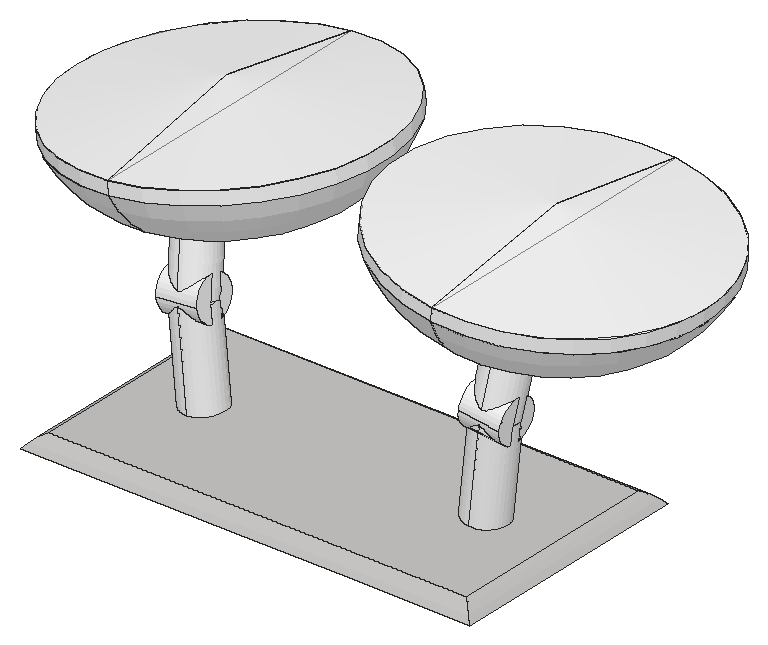
Revit family "AHD-D", category Lighting Fixtures, host Face, Revit 2014
Parameters (values of type "AHD-D-W")
  Wattage Comments = "7W"
  Warranty Notes = "https://hubbellcdn.com/warranty/Dual-Lite%20Compass%20Limited%20Warranty_1_19.pdf"
  Warranty = "Please refer to the Warranty Link"
  URL = "https://www.hubbell.com/dual-lite/en"
  Type Comments = "Light Fixture"  # constant formula
  Steel = Metal-Hubbell-Galvanized_Steel
  Product Page URL = "https://www.hubbell.com/dual-lite/en/Products/Lighting-Controls/Emergency-Exit-Lighting/Remote-Heads-Fixtures/AHD/p/209140"
  Product Doucumentation Link = "https://hubbellcdn.com/specsheet/dlt_remoteheads_specsht.pdf"
  Model = "AHD"
  Manufacturer = "Dual-Lite Lighting A unit of Hubbell Lighting"  # constant formula
  Lamp = "Incandescent, Halogen PAR 36 Lamp"
  Certification = "UL924 Damp Listed, NFPA 101 and NFPA 70"
  Glass = Glass - Hubbell - White
  Features = "Style matches AS emergency lighting unit\r\nAvailable in white or black finishes\r\nSupplied with rectangular mounting plate"  # constant formula
  Description = "Stamped alumiunum housing with metal swivel."  # constant formula
  Default Elevation = 48.00"
  Copyrights = "© Hubbell Lighting, Inc"
  Contact Us = "https://www.hubbell.com/compassproducts/en/contactUs"
  Body = Paint - Hubbell - Matte White
  Apparent Load = 7 VA
Types (3): name | Body
  (no name) | Paint - Hubbell - Matte White
  AHD-D-W | Paint - Hubbell - Matte White
  AHD-D-B | Paint - Hubbell - Black Matte Textured
Reference planes (in)
  plane 1 "Center (Front/Back)": y = 0
  plane 2: z = 0
  plane 3 "Center (Left/Right)": x = 0
  plane 4: x = -5.19
  plane 5: x = 5.1875
  plane 6: y = 2.3
  plane 7: y = -2.3
  plane 8: z = 6.84155
Forms (in)
  Extrusion 1, solid, material "Metal-Hubbell-Galvanized_Steel" <- "Steel"
    sketch origin (0, 0, 0) x (1, 0, 0) y (0, 1, 0)
      loop
        line (-2.08878, 2.3) -> (-4.17756, 2.3) -> (-4.17756, -2.3) -> (-2.08878, -2.3) -> (0, -2.3) -> (2.08878, -2.3) -> (4.17756, -2.3) -> (4.17756, 2.3) -> (2.08878, 2.3) -> (0, 2.3) -> (-2.08878, 2.3)
    from 0 to 0.25
  Sweep 2, void
    path origin (0, 0, 0) x (1, 0, 0) y (0, 1, 0)
      loop
        line (-4.17756, 2.3) -> (-4.17756, -2.3) -> (4.17756, -2.3) -> (4.17756, 2.3) -> (-4.17756, 2.3)
    profile origin (-4.17756, 0, 0) x (1, 0, 0) y (0, 0, 1)
      loop
        line (0, 0.25) -> (0, 0)
        arc (0, 0) -> (0.13277, 0.14249) -> (0.29517, 0.25) r 0.82737
        line (0.29517, 0.25) -> (0, 0.25)
Cuts and joins
  Sweep 2 cuts Extrusion 1
Dimensions and locks (in)
  plane 8 to level = 6.84155"
  plane 6 to plane 7 = 4.60"
  plane 7 to plane 6 = 4.60"
  aligned and locked: plane 2 to host face
  aligned and locked: level to host face
Nested families (in)
  nested 1: "Family1" at (-2.80881, -0.01509, 0.3601) x (-1, 0, 0) z (0, 0, 1), type "Family1"
  nested 2: "Family1" at (2.80881, -0.01509, 0.3601), type "Family1"
Connectors (in)
  electrical at (0, 0, 0)
    settings: on cut or joined group of Extrusion 1, Sweep 2, index 1, voltage 120 V, apparent load 7 VA, apparent load phase1 0 VA, apparent load phase2 0 VA, apparent load phase3 0 VA, power factor 0.9, load classification "Other", number of poles 1, system type 30, power factor state 1, is connector primary yes, connector utility no, sub classification motor no, connector description "Lighting Connector"
Definition of nested family "Family1"
  Parameters (values of type "Family1")
    Wattage = 9.2903 W
    built-in parameter 1150110 = 1 (stored number, unit not read)
    built-in parameter 1114217 = 1 (stored number, unit not read)
    Tilt Angle = 0.00°
    built-in parameter 1150109 = 1 (stored number, unit not read)
    built-in parameter 1150134 = 3
    built-in parameter 1150113 = 1 (stored number, unit not read)
    Steel = Metal-Hubbell-Galvanized_Steel
    Photometric Web File = "ahd-1212.ies"
    built-in parameter 1150105 = 28396.2 (stored number, unit not read)
    Lumens = 1380 lm
    built-in parameter 1150115 = 1 (stored number, unit not read)
    built-in parameter 1150137 = (empty or 0)
    built-in parameter 1150139 = (empty or 0)
    built-in parameter 1150112 = 1 (stored number, unit not read)
    built-in parameter 1150114 = 1 (stored number, unit not read)
    built-in parameter 1150132 = (empty or 0)
    built-in parameter 1150102 = (empty or 0)
    built-in parameter 1150107 = 3200 (stored number, unit not read)
    built-in parameter 1150138 = (empty or 0)
    built-in parameter 1150106 = 283.96 (stored number, unit not read)
    Glass = Glass - Hubbell - White
    built-in parameter 1150104 = 13.8 (stored number, unit not read)
    Dimming Lamp Color Temperature Shift = (empty or 0)
    Default Elevation = 48.00"
    Color Filter = 16777215
    Body = Paint - Hubbell - Black Matte Textured
    built-in parameter 1114218 = 1 (stored number, unit not read)
    built-in parameter 1150133 = 10 (stored number, unit not read)
  Reference planes (in)
    plane 1 "Center (Front/Back)": y = 0
    plane 2: z = 0
    plane 3 "Center (Left/Right)": x = 0
    plane 4: z = 6
    plane 5: x = -2.125
    plane 6: x = 2.125
  Forms (in)
    Extrusion 1, solid
      sketch origin (0, 0, 0) x (1, 0, 0) y (0, 1, 0)
        loop
          line (-48, 48) -> (-48, -48) -> (48, -48) -> (48, 48) -> (-48, 48)
      from 0 to -12
    Revolve 2, solid, material "Paint - Hubbell - Black Matte Textured" <- "Body"
      sketch origin (-0.31895, 0.03595, -1.37322) x (0, 1, 0) y (0.101454, 0, 0.99484)
        loop
          arc (-0.39452, 1.28117) -> (-0.19852, 1.33738) -> (0, 1.38394) r 4.17071
          line (0, 1.38394) -> (0, 2.71086)
          arc (0, 2.71086) -> (-0.25967, 2.79846) -> (-0.39452, 3.03703) r 0.38342
          line (-0.39452, 3.03703) -> (-0.39452, 1.28117)
        axis (0, 3.03703) -> (0, 1.28117)
      angle from 0 to 360
    Extrusion 3, solid, material "Paint - Hubbell - Black Matte Textured" <- "Body"
      sketch origin (-0.28629, 0.03595, -1.06243) x (0, 1, 0) y (0.101454, 0, 0.99484)
        loop
          circle (0, 2.79049) r 0.4
        loop
          circle (0, 2.79049) r 0.04727
      from -0.37955 to 0.38293
    Revolve 4, solid, material "Paint - Hubbell - Black Matte Textured" <- "Body"
      sketch origin (-0.11164, -0.16004, 0.65295) x (-0.019945, 0.981627, -0.189764) y (0.099533, 0.190808, 0.976568)
        loop
          arc (-0.39452, 1.04113) -> (-0.25847, 1.28044) -> (0, 1.37516) r 0.4
          line (0, 1.37516) -> (0, 2.18221) -> (-0.39452, 2.18221) -> (-0.39452, 1.04113)
        axis (0, 2.18221) -> (0, 1.04113)
      angle from 0 to 360
    Revolve 5, solid, material "Paint - Hubbell - Black Matte Textured" <- "Body"
      sketch origin (-0.33149, 1.125, -0.82137) x (0, 1, 0) y (0.104528, 0, 0.994522)
        loop
          arc (0, 3.47443) -> (0.72009, 3.5496) -> (1.43146, 3.68427) r 8.7188
          arc (1.43146, 3.68427) -> (2.27547, 4.11028) -> (2.83541, 4.87206) r 2.03229
          line (2.83541, 4.87206) -> (2.83541, 5.12206) -> (0, 5.12206) -> (0, 3.47443)
        axis (0, 3.47443) -> (0, 5.12206)
      angle from 0 to 360
    Revolve 6, solid, material "Glass - Hubbell - White" <- "Glass"
      sketch origin (-0.33149, 1.125, -0.82137) x (0, 1, 0) y (0.104528, 0, 0.994522)
        loop
          line (0, 5.12206) -> (2.83541, 5.12206)
          arc (2.83541, 5.12206) -> (1.42821, 5.43166) -> (0, 5.62206) r 17.15206
          line (0, 5.62206) -> (0, 5.12206)
        axis (0, 5.12206) -> (0, 5.62206)
      angle from 0 to 360
  Dimensions and locks (in)
    aligned and locked: plane 2 to Extrusion 1
    aligned and locked: level to Extrusion 1
